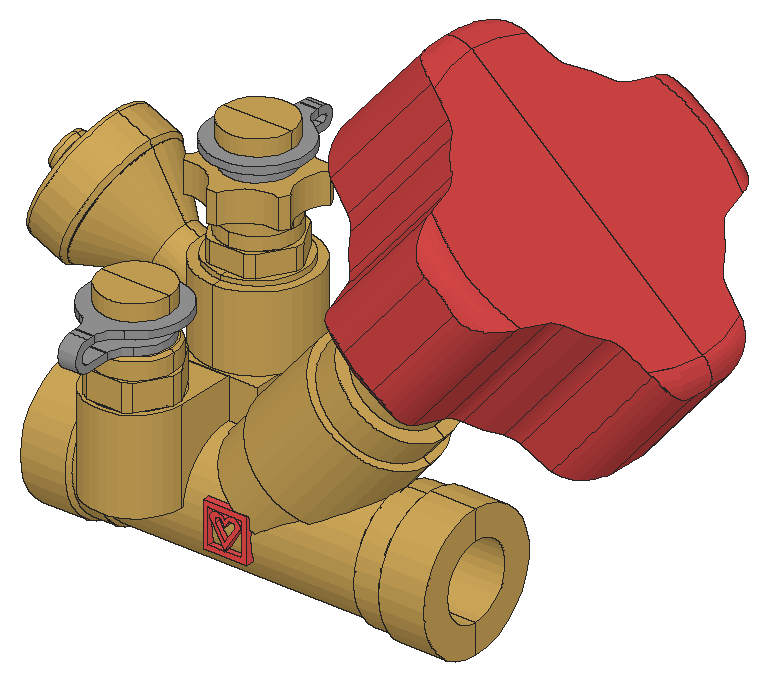
Revit family "Strangregulierventil mit Messblende 4017 ML (LF-MF)", category Rohrzubehör, Revit 2018
Family settings
  Bemaßung runder Anschluss = Durchmesser verwenden
  Teiletyp = Unterbricht
  OmniClass-Nummer = 23.65.55.14
  OmniClass-Titel = Valves for Liquid Services
  Arbeitsebenenbasiert = Nein
  Immer vertikal = Ja
  Beim Laden mit Abzugskörper schneiden = Nein
  Gemeinsam genutzt = Nein
Parameters (values of type "MF")
  kvs-Wert [instance] = if(and(Nennweite = 15.000 mm, LF), 0.46, if(and(Nennweite = 15.000 mm, MF), 0.88, 0))  # 0.88
  kv-Wert der Blende [instance] = if(and(Nennweite = 15.000 mm, LF), 0.48, if(and(Nennweite = 15.000 mm, MF), 0.97, 0))  # 0.97
  W01 = 50.00°  # constant formula
  URL = "www.herz-armaturen.at"
  SW01 = 60.00°  # constant formula
  SCRNSEQ = "ARM;ARM_TYP=\"STRV\";2"
  SCRNCODE = "05;07;02"  # constant formula
  S03 = 60.000 mm  # constant formula
  S02 [instance] = L04 + L06 + L07  # 76.800 mm
  S01 [instance] = D01 * 2  # 27.000 mm
  R03 = 21.500 mm  # constant formula
  R02 = 9.500 mm  # constant formula
  R01 = 12.000 mm  # constant formula
  Medium = "Heizwasserqualität entsprechend ÖNORM H 5195 bzw. VDI-Richtlinie 2035"
  MF = yes
  LF = no
  L10 [instance] = size_lookup("4017_ML_", "L10", 1.000 mm, Nennweite)  # 28.500 mm
  L09 [instance] = size_lookup("4017_ML_", "L9", 1.000 mm, Nennweite)  # 22.500 mm
  L08 [instance] = size_lookup("4017_ML_", "L8", 1.000 mm, Nennweite)  # 12.700 mm
  L07 [instance] = size_lookup("4017_ML_", "L7", 1.000 mm, Nennweite)  # 35.100 mm
  L06 [instance] = size_lookup("4017_ML_", "L6", 1.000 mm, Nennweite)  # 6.500 mm
  L05 [instance] = size_lookup("4017_ML_", "L5", 1.000 mm, Nennweite)  # 20.200 mm
  L04 [instance] = size_lookup("4017_ML_", "L4", 1.000 mm, Nennweite)  # 35.200 mm
  L03 [instance] = size_lookup("4017_ML_", "L3", 1.000 mm, Nennweite)  # 1.000 mm
  H03 [instance] = H01 - 19.000 mm  # 1.000 mm
  H02 = 13.000 mm  # constant formula
  Gehäuse = "entzinkungsbeständigem Messing"  # constant formula
  E01 [instance] = L00 / -2  # -41.500 mm
  E00 = 0.000 mm  # constant formula
  D09 [instance] = size_lookup("4017_ML_", "D9", 1.000 mm, Nennweite)  # 11.750 mm
  D08 [instance] = size_lookup("4017_ML_", "D8", 1.000 mm, Nennweite)  # 9.500 mm
  D07 [instance] = size_lookup("4017_ML_", "D7", 1.000 mm, Nennweite)  # 12.000 mm
  D06 [instance] = size_lookup("4017_ML_", "D6", 1.000 mm, Nennweite)  # 13.500 mm
  D05 [instance] = size_lookup("4017_ML_", "D5", 1.000 mm, Nennweite)  # 12.500 mm
  D04 [instance] = Nennweite / 2  # 7.500 mm
  IG [instance] = Nennweite / 2  # 7.500 mm
  D03 [instance] = size_lookup("4017_ML_", "D3", 1.000 mm, Nennweite)  # 11.900 mm
  D02 [instance] = size_lookup("4017_ML_", "D2", 1.000 mm, Nennweite)  # 12.700 mm
  D01 [instance] = size_lookup("4017_ML_", "D1", 1.000 mm, Nennweite)  # 13.500 mm
  Nennweite [instance] = 15.000 mm  # constant formula
  Max. Differenzdruck bei geschlossenen Sitz = 1000000.0 Pa  # constant formula
  Max. Betriebstemperatur = 130 °C  # constant formula
  Max. Betriebsdruck = 2000000.0 Pa  # constant formula
  L02 [instance] = size_lookup("4017_ML_", "L2", 1.000 mm, Nennweite)  # 5.000 mm
  L01 [instance] = size_lookup("4017_ML_", "L1", 1.000 mm, Nennweite)  # 9.250 mm
  L00 [instance] = size_lookup("4017_ML_", "L", 1.000 mm, Nennweite)  # 83.000 mm
  Hersteller = "HERZ Armaturen Ges.m.b.H."  # constant formula
  H01 [instance] = size_lookup("4017_ML_", "H1", 1.000 mm, Nennweite)  # 20.000 mm
  GT [instance] = size_lookup("4017_ML_", "GT", 1.000 mm, Nennweite)  # 13.200 mm
  DN50 [instance] = Nennweite = 50.000 mm  # no
  DN40 [instance] = Nennweite = 40.000 mm  # no
  DN32 [instance] = Nennweite = 32.000 mm  # no
  DN25 [instance] = Nennweite = 25.000 mm  # no
  DN20 [instance] = Nennweite = 20.000 mm  # no
  DN15 [instance] = Nennweite = 15.000 mm  # yes
  Bestellnummer [instance] = if(and(Nennweite = 15.000 mm, LF), 1401730, if(and(Nennweite = 15.000 mm, MF), 1401739, 0))  # 1401739
  Ausführung = "STRÖMAX 4017 ML, Strangregulierventil mit Messblende und Impulsleitungsanschluss für Differenzdruckmessung in Schrägsitzform, mit Messventilen\r\nGelbe Ausführung aus entzinkungsbeständigen Messing, Muffe x Muffe, Spindelabdichtung mit Dreifach-O-Ring, Voreinstellung durch Hubbegrenzung, digitale Anzeige der Voreinstellstufe im Handradfenster."
  Anwendungsgebiet = "Zum hydraulischen Abgleich in Heiz- oder Kühlanlagen, Einregulieren von Verteilleitungen, Strängen, Wärmetauschern,\r\nHeiz- und Kühlregistern."
Types (3, lengths in mm): name | kvs-Wert | kv-Wert der Blende | MF | LF | Bestellnummer
  (no name) | 0.88 | 0.97 | yes | no | 1401739
  LF | 0.46 | 0.48 | no | yes | 1401730
  MF | 0.88 | 0.97 | yes | no | 1401739
Reference planes
  plane 1 "Mitte (Vorne/hinten)": y = 0
  plane 2: z = 0
  plane 3 "Mitte (Links/rechts)": x = 0
Forms (mm)
  Revolve 1, solid, material "Messing, weicher Gelbton, geschweißt", detail levels fine
    sketch origin (470, 0, 0) x (1, 0, 0) y (0, 0, 1)
      loop
        line (-511.5, 7.5) -> (-498.3, 7.5) -> (-498.3, 0) -> (-441.7, 0) -> (-441.7, 7.5) -> (-428.5, 7.5) -> (-428.5, 13.5) -> (-437.75, 13.5) -> (-438.421, 12.7) -> (-443.421, 12.7) -> (-444.093, 11.9) -> (-495.907, 11.9) -> (-496.579, 12.7) -> (-501.579, 12.7) -> (-502.25, 13.5) -> (-511.5, 13.5) -> (-511.5, 7.5)
      axis (-511.5, 0) -> (-428.5, 0)
    angle from 0 to 360
  Revolve 2, solid, material "Messing, weicher Gelbton, geschweißt", detail levels fine
    sketch origin (0.32, 0, -0.105) x (1, 0, 0) y (0, 0, 1)
      loop
        line (-1.32, 0.105) -> (48.046, 58.937) -> (39.045, 66.49) -> (30.882, 56.761) -> (32.605, 55.315) -> (18.207, 38.155) -> (16.292, 39.762) -> (12.114, 34.783) -> (10.964, 35.747) -> (-2.02, 20.273) -> (-1.254, 19.63) -> (-7.652, 12.005) -> (-7.065, 4.926) -> (-1.32, 0.105)
      axis (-1.32, 0.105) -> (48.046, 58.937)
    angle from 0 to 360
  Extrusion 3, solid, material "Messing, weicher Gelbton, geschweißt", detail levels fine
    sketch origin (0, 0, 0) x (1, 0, 0) y (0, 1, 0)
      loop
        arc (-28.5, -12) -> (-19, -21.5) -> (-9.5, -12) r 9.5
        line (-9.5, -12) -> (-9.5, 0) -> (-28.5, 0) -> (-28.5, -12)
    from 1 <- "H03" to 20 <- "H01"
  Extrusion 4, solid, material "Messing, weicher Gelbton, geschweißt", detail levels fine
    sketch origin (0, 0, 0) x (1, 0, 0) y (0, 1, 0)
      loop
        line (-22.5, 12) -> (-22.5, 0) -> (-3.5, 0) -> (-3.5, 12)
        arc (-3.5, 12) -> (-13, 21.5) -> (-22.5, 12) r 9.5
    from 0 to 20 <- "H01"
  Extrusion 5, void
    sketch origin (0, 0, 0) x (1, 0, 0) y (0, 0, 1)
      loop
        line (55, 0) -> (80, 0) -> (80, 73) -> (55, 73) -> (55, 0)
    from 55 to -55
Cuts and joins
  Extrusion 5 cuts Revolve 2
Lines and regions (mm)
  model lines, detail levels coarse+medium
    curve 1: line (-41.5, 0, 13.5) -> (-41.5, 0, -13.5)
    curve 2: line (-41.5, 0, -13.5) -> (41.5, 0, 13.5)
    curve 3: line (41.5, 0, 13.5) -> (41.5, 0, -13.5)
    curve 4: line (41.5, 0, -13.5) -> (-41.5, 0, 13.5)
    curve 5: line (0, 0, 0) -> (38.4, 0, 66.511)
    curve 6: line (12.419, 0, 81.511) -> (64.381, 0, 51.511)
    curve 7: line (-41.5, -13.5, 0) -> (-41.5, 13.5, 0)
    curve 8: line (-41.5, 13.5, 0) -> (41.5, -13.5, 0)
    curve 9: line (41.5, -13.5, 0) -> (41.5, 13.5, 0)
    curve 10: line (41.5, 13.5, 0) -> (-41.5, -13.5, 0)
    curve 11: line (0, 0, 0) -> (38.4, 66.511, 0)
    curve 12: line (12.419, 81.511, 0) -> (64.381, 51.511, 0)
Dimensions and locks
  "L00": Revolve 1 sketch curve to Revolve 1 sketch curve
  equal spacing: Revolve 1 sketch curve, plane 3 "Mitte (Links/rechts)", Revolve 1 sketch curve
  "D01": Revolve 1 sketch curve to Revolve 1 sketch curve  (x2)
  "GT": Revolve 1 sketch curve to Revolve 1 sketch curve  (x2)
  "D06": Revolve 2 sketch curve to Revolve 2 sketch curve
  "D07": Revolve 2 sketch curve to Revolve 2 sketch curve
  "D08": Revolve 2 sketch curve to Revolve 2 sketch curve
  "D09": Revolve 2 sketch curve to Revolve 2 sketch curve
  equal spacing: curve 1, plane 3 "Mitte (Links/rechts)", curve 3
  "L00": curve 1 to curve 3
  equal spacing: curve 4, plane 2, curve 2
  "S01": curve 4 to curve 1
  "S01": curve 3 to curve 4
  equal spacing: curve 3, plane 2, curve 4
  "S02": curve 5 to curve 5
  equal spacing: curve 6, curve 5, curve 6
  "S03": curve 6 to curve 6
  equal spacing: curve 7, plane 3 "Mitte (Links/rechts)", curve 9
  "L00": curve 7 to curve 9
  equal spacing: curve 10, plane 1 "Mitte (Vorne/hinten)", curve 8
  "S01": curve 8 to curve 10
  equal spacing: curve 9, plane 1 "Mitte (Vorne/hinten)", curve 10
  "S01": curve 10 to curve 9
  "S02": curve 11 to curve 11
  equal spacing: curve 12, curve 11, curve 12
  "S03": curve 12 to curve 12
  "L01": Revolve 1 sketch curve to Revolve 1 sketch curve  (x2)
  "D02": Revolve 1 sketch curve to plane 2  (x2)
  "D03": Revolve 1 sketch curve to plane 2
  "IG": Revolve 1 sketch curve to plane 2  (x2)
  "L02": Revolve 1 sketch curve to Revolve 1 sketch curve  (x2)
  "L04": Revolve 2 sketch curve to Revolve 2 sketch curve
  "L05": Revolve 2 sketch curve to Revolve 2 sketch curve
  "D03": Revolve 2 sketch curve to plane 2
  "L06": Revolve 2 sketch curve to Revolve 2 sketch curve
  "L08": Revolve 2 sketch curve to Revolve 2 sketch curve
  "L07": Revolve 2 sketch curve to Revolve 2 sketch curve
  "D04": Revolve 2 sketch curve to Revolve 2 sketch curve
  "D05": Revolve 2 sketch curve to Revolve 2 sketch curve
  "L03": plane 3 "Mitte (Links/rechts)" to Revolve 2 sketch curve  (x2)
  "D03": nested 1 to plane 1 "Mitte (Vorne/hinten)"
  "L09": Revolve 1 to Extrusion 3 sketch curve
  "R01": Extrusion 3 sketch curve to plane 1 "Mitte (Vorne/hinten)"
  "R01": plane 1 "Mitte (Vorne/hinten)" to Extrusion 4 sketch curve
  "L10": Revolve 1 to Extrusion 4 sketch curve
  "H01": nested 2 to plane 2
  "R01": nested 2 to plane 1 "Mitte (Vorne/hinten)"
  "L09": Revolve 1 to nested 2
  Extrusion 5 sketch curve to plane 3 "Mitte (Links/rechts)" = 55.000 mm
  Extrusion 5 sketch curve to Extrusion 5 sketch curve = 25.000 mm
  Extrusion 5 sketch curve to plane 2 = 73.000 mm
  "L10": Revolve 1 to nested 4
  "R01": plane 1 "Mitte (Vorne/hinten)" to nested 4
  "H01": nested 4 to plane 2
  "R02": radius of Extrusion 3 sketch curve
  "R02": radius of Extrusion 4 sketch curve
  "W01": angle level to Revolve 2 sketch curve
  "SW01": angle plane 2 to curve 5
  "SW01": angle plane 1 "Mitte (Vorne/hinten)" to curve 11
  "W01": angle Revolve 1 sketch curve to Revolve 1 sketch curve  (x4)
  "W01": angle plane 2 to Revolve 2 sketch curve
  aligned and locked: level to plane 2
Automatic sketch dimensions
  Extrusion 5 sketch curve to level = 0.000 mm
  curve 5 to level = 0.000 mm
  plane 1 "Mitte (Vorne/hinten)" to curve 11 = 0.000 mm
  Revolve 1 sketch curve to level = 0.000 mm  (x2)
  Revolve 1 sketch curve to Revolve 1 sketch curve = 791.990 mm
  Revolve 1 sketch curve to Revolve 1 sketch curve = 2278.983 mm
  Revolve 2 sketch curve to level = 0.000 mm  (x2)
  plane 1 "Mitte (Vorne/hinten)" to Extrusion 3 sketch curve = 0.000 mm
  plane 1 "Mitte (Vorne/hinten)" to Extrusion 4 sketch curve = 0.000 mm
Nested families
  nested 1: "Herz-Logo-vorne" at (0, -11.9, 0) x (0, 1, 0) z (0, 0, 1), type "Herz-Logo-vorne", detail levels fine
  nested 2: "Messstutzen_Band_Eintritt_senkrecht_(oben)" at (-19, -12, 2.5) x (-1, 0, 0) z (0, 0, 1), type "Messstutzen_Band_Eintritt_senkrecht_(oben)", detail levels fine
    with Schutzkappe yes, Nennweite 0.000 mm, Gewicht 0.00 kg, Bestellnummer 0
  nested 3: "Strangregulierventil-Handrad (Rot) DN15-DN32" at (48.366, 0, 58.832), visible <- "DN15", type "Strangregulierventil-Handrad (Rot) DN15-DN32"
    with Nennweite 0.000 mm, Gewicht 0.00 kg, Bestellnummer 0
  nested 4: "Messstutzen_Band-KFE_Austritt_senkrecht_(oben)" at (-13, 12, 24.41), type "Messstutzen_Band-KFE_Austritt_senkrecht_(oben)", detail levels fine
    with Schutzkappe yes, Nennweite 0.000 mm, Gewicht 0.00 kg, Bestellnummer 0
Connectors
  piping at (-28.3, 0, 0), diameter 15, driven by "Nennweite"
    settings: on Revolve 1, index 1, connector inside diameter 609.6 mm, connector length 0.000 mm, flow factor 0, pipe flow 0.0 L/s, pressure drop 0.0 Pa, fitting loss kfactor 0, connector angle 0.00°, fixture units 0, engagement length 0.000 mm, angle of deflection 0.00°, flow configuration 0, flow direction 1, fitting loss method 0, system type 29, joint type 0, gender type 0, connector reference index -1, connector utility 0, adjustable connector no, is connector primary yes, connector description ""
  piping at (28.3, 0, 0), diameter 15, driven by "Nennweite"
    settings: on Revolve 1, index 2, connector inside diameter 609.6 mm, connector length 0.000 mm, flow factor 0, pipe flow 0.0 L/s, pressure drop 0.0 Pa, fitting loss kfactor 0, connector angle 0.00°, fixture units 0, engagement length 0.000 mm, angle of deflection 0.00°, flow configuration 0, flow direction 2, fitting loss method 0, system type 29, joint type 0, gender type 0, connector reference index -1, connector utility 0, adjustable connector no, is connector primary no, connector description ""
Definition of nested family "Herz-Logo-vorne"
  Reference planes
    plane 1 "Mitte (Vorne/hinten)": y = 0
    plane 2: z = 0
    plane 3 "Mitte (Links/rechts)": x = 0
  Forms (mm)
    Extrusion 1, solid
      sketch origin (0.732, -0.018, 0.017) x (0, -1, 0) y (0, 0, 1)
        loop
          line (-0.018, -4.517) -> (4.482, -4.517) -> (4.482, 4.483) -> (-4.518, 4.483) -> (-4.518, -4.517) -> (-0.018, -4.517)
        loop
          line (-0.05, -3.48) -> (3.482, -3.48) -> (3.482, 3.483) -> (-3.518, 3.483) -> (-3.518, -3.48) -> (-0.05, -3.48)
        loop
          arc (-0.018, 2.383) -> (-1.543, 3.287) -> (-3.067, 2.383) r 1.738
          arc (-3.067, 2.383) -> (-3.191, 1.899) -> (-3.067, 1.415) r 1.009
          line (-3.067, 1.415) -> (-0.018, -3.281) -> (3.032, 1.415)
          arc (3.032, 1.415) -> (3.156, 1.899) -> (3.032, 2.383) r 1.009
          arc (3.032, 2.383) -> (1.507, 3.287) -> (-0.018, 2.383) r 1.738
        loop
          arc (1.885, 1.272) -> (2.005, 1.675) -> (1.885, 2.079) r 0.74
          arc (1.885, 2.079) -> (1.265, 2.416) -> (0.644, 2.079) r 0.74
          line (0.644, 2.079) -> (-0.018, 0.97) -> (-0.679, 2.079)
          arc (-0.679, 2.079) -> (-1.3, 2.416) -> (-1.921, 2.079) r 0.74
          arc (-1.921, 2.079) -> (-2.04, 1.675) -> (-1.921, 1.272) r 0.74
          line (-1.921, 1.272) -> (-0.018, -1.658) -> (1.885, 1.272)
      from 0 to 1.5
  Dimensions and locks
    aligned and locked: level to plane 2
Definition of nested family "Messstutzen_Band_Eintritt_senkrecht_(oben)"
  Parameters (values of type "Messstutzen_Band_Eintritt_senkrecht_(oben)")
    URL = "www.herz-armaturen.at"
    Schutzkappe [instance] = yes
    Nennweite [instance] = 0.000 mm
    Manufacturer = "Herz Armaturen GmbH"  # constant formula
    Gewicht [instance] = 0.00 kg
    Bestellnummer [instance] = 0
  Reference planes
    plane 1 "Mitte (Vorne/hinten)": y = 0
    plane 2: z = 0
    plane 3 "Mitte (Links/rechts)": x = 0
    plane 4 "Schlaufe 1": z = -27
    plane 5 "Schlaufe 2": z = -31.678
  Forms (mm)
    Revolve 1, solid, detail levels fine
      sketch origin (0, 0, 0) x (1, 0, 0) y (0, 0, 1)
        loop
          line (-7.4, 9) -> (-5.55, 9) -> (-5.55, 6)
          arc (-5.55, 6) -> (-5.626, 5.617) -> (-5.843, 5.293) r 1
          line (-5.843, 5.293) -> (-6.455, 4.681) -> (-6.455, 0.9) -> (-5.555, 0) -> (-2, 0) -> (-2, 17.5) -> (-8.4, 17.5)
          arc (-8.4, 17.5) -> (-7.693, 17.207) -> (-7.4, 16.5) r 1
          line (-7.4, 16.5) -> (-7.4, 9)
        loop
          line (-3.7, 27) -> (-7.3, 27) -> (-7.9, 26.4) -> (-7.9, 23) -> (-2, 23) -> (-2, 35.8) -> (-3.805, 35.8) -> (-4.415, 35.19) -> (-4.415, 30.863) -> (-3.7, 30.45) -> (-3.7, 27)
        axis (0, 0) -> (0, 35.8)
      angle from 0 to 360
    Extrusion 2, solid, detail levels fine
      sketch origin (0, 0, 17.5) x (0, 1, 0) y (-1, 0, 0)
        loop
          arc (-7.07, 5.156) -> (-7.578, 4.375) -> (-8, 3.544) r 8.75
          line (-8, 3.544) -> (-8, -3.544)
          arc (-8, -3.544) -> (-7.578, -4.375) -> (-7.07, -5.156) r 8.75
          line (-7.07, -5.156) -> (-0.93, -8.7)
          arc (-0.93, -8.7) -> (0, -8.75) -> (0.93, -8.7) r 8.75
          line (0.93, -8.7) -> (7.07, -5.156)
          arc (7.07, -5.156) -> (7.578, -4.375) -> (8, -3.544) r 8.75
          line (8, -3.544) -> (8, 3.544)
          arc (8, 3.544) -> (7.578, 4.375) -> (7.07, 5.156) r 8.75
          line (7.07, 5.156) -> (0.93, 8.7)
          arc (0.93, 8.7) -> (0, 8.75) -> (-0.93, 8.7) r 8.75
          line (-0.93, 8.7) -> (-7.07, 5.156)
      from 0 to 5.5
    Revolve 3, solid, visible <- "Schutzkappe", detail levels fine
      sketch origin (0, 0, 0) x (1, 0, 0) y (0, 0, 1)
        loop
          line (0, 35.878) -> (0, 36.678) -> (-7, 36.678) -> (-7, 33.378) -> (-6.1, 33.378) -> (-6.1, 31.678) -> (-6.9, 31.678) -> (-6.9, 30.178) -> (-4.415, 30.178) -> (-4.415, 35.268) -> (-3.805, 35.878) -> (0, 35.878)
        axis (0, 30.178) -> (0, 36.678)
      angle from 0 to 360
    Extrusion 4, solid, detail levels fine
      sketch origin (0, 0, 28.5) x (1, 0, 0) y (0, 1, 0)
        loop
          circle (0, 0) r 3.7
        loop
          arc (-3.906, 5.505) -> (0, -6.75) -> (3.906, 5.505) r 6.75
          arc (3.906, 5.505) -> (2.358, 7.288) -> (1.8, 9.582) r 5
          line (1.8, 9.582) -> (-1.8, 9.582)
          arc (-1.8, 9.582) -> (-2.358, 7.288) -> (-3.906, 5.505) r 5
      from 0 to -1.5
    Extrusion 5, solid, detail levels fine
      sketch origin (0, 0, 33.178) x (1, 0, 0) y (0, 1, 0)
        loop
          circle (0, 0) r 6.1
        loop
          arc (-4.495, 8.652) -> (0, -9.75) -> (4.495, 8.652) r 9.75
          arc (4.495, 8.652) -> (2.527, 10.493) -> (1.8, 13.089) r 5
          line (1.8, 13.089) -> (-1.8, 13.089)
          arc (-1.8, 13.089) -> (-2.527, 10.493) -> (-4.495, 8.652) r 5
      from 0 to -1.5
    Sweep 6, solid, detail levels fine
      path origin (0, 0, 0) x (0, 0, -1) y (0, -1, 0)
        loop
          line (-27.75, -9.582) -> (-27.75, -14.522)
          arc (-27.75, -14.522) -> (-30.089, -16.862) -> (-32.428, -14.522) r 2.339
          line (-32.428, -14.522) -> (-32.428, -13.089)
      profile origin (0, 12.052, 27.75) x (0, 0, 1) y (1, 0, 0)
        loop
          line (-0.75, -1.8) -> (0.75, -1.8) -> (0.75, 1.8) -> (-0.75, 1.8) -> (-0.75, -1.8)
  Dimensions and locks
    aligned and locked: level to plane 2
Definition of nested family "Strangregulierventil-Handrad (Rot) DN15-DN32"
  Parameters (values of type "Strangregulierventil-Handrad (Rot) DN15-DN32")
    URL = "www.herz-armaturen.at"
    Nennweite [instance] = 0.000 mm
    Manufacturer = "Herz Armaturen GmbH"  # constant formula
    Gewicht [instance] = 0.00 kg
    Bestellnummer [instance] = 0
  Reference planes
    plane 1 "Mitte (Vorne/hinten)": y = 0
    plane 2: z = 0
    plane 3 "Mitte (Links/rechts)": x = 0
  Forms (mm)
    Revolve 1, solid, detail levels fine
      sketch origin (0, 0, 0) x (0.766044, 0, -0.642788) y (0.642788, 0, 0.766044)
        loop
          line (0, 0) -> (0, 24.95) -> (-30.992, 24.95)
          arc (-30.992, 24.95) -> (-34.37, 23.636) -> (-35.973, 20.386) r 5
          line (-35.973, 20.386) -> (-37, 8.65) -> (-35.986, -2.936)
          arc (-35.986, -2.936) -> (-34.383, -6.186) -> (-31.005, -7.5) r 5
          line (-31.005, -7.5) -> (-15, -7.5) -> (-15, 0) -> (0, 0)
        axis (0, 24.95) -> (0, -7.5)
      angle from 0 to 360
    Extrusion 2, void
      sketch origin (13.049, 0, 15.551) x (0.766044, 0, -0.642788) y (0, 1, 0)
        loop
          line (3.861, 35.5) -> (-3.861, 35.5)
          arc (-3.861, 35.5) -> (-8.731, 33.847) -> (-11.589, 29.571) r 8
          line (-11.589, 29.571) -> (-13.284, 23.245)
          arc (-13.284, 23.245) -> (-13.982, 21.722) -> (-15.144, 20.516) r 5
          arc (-15.144, 20.516) -> (-18.031, 18.031) -> (-20.516, 15.144) r 25.5
          arc (-20.516, 15.144) -> (-21.722, 13.982) -> (-23.245, 13.284) r 5
          line (-23.245, 13.284) -> (-29.571, 11.589)
          arc (-29.571, 11.589) -> (-33.847, 8.731) -> (-35.5, 3.861) r 8
          line (-35.5, 3.861) -> (-35.5, -3.861)
          arc (-35.5, -3.861) -> (-33.847, -8.731) -> (-29.571, -11.589) r 8
          line (-29.571, -11.589) -> (-23.245, -13.284)
          arc (-23.245, -13.284) -> (-21.722, -13.982) -> (-20.516, -15.144) r 5
          arc (-20.516, -15.144) -> (-18.031, -18.031) -> (-15.144, -20.516) r 25.5
          arc (-15.144, -20.516) -> (-13.982, -21.722) -> (-13.284, -23.245) r 5
          line (-13.284, -23.245) -> (-11.589, -29.571)
          arc (-11.589, -29.571) -> (-8.731, -33.847) -> (-3.861, -35.5) r 8
          line (-3.861, -35.5) -> (3.861, -35.5)
          arc (3.861, -35.5) -> (8.731, -33.847) -> (11.589, -29.571) r 8
          line (11.589, -29.571) -> (13.284, -23.245)
          arc (13.284, -23.245) -> (13.982, -21.722) -> (15.144, -20.516) r 5
          arc (15.144, -20.516) -> (18.031, -18.031) -> (20.516, -15.144) r 25.5
          arc (20.516, -15.144) -> (21.722, -13.982) -> (23.245, -13.284) r 5
          line (23.245, -13.284) -> (29.571, -11.589)
          arc (29.571, -11.589) -> (33.847, -8.731) -> (35.5, -3.861) r 8
          line (35.5, -3.861) -> (35.5, 3.861)
          arc (35.5, 3.861) -> (33.847, 8.731) -> (29.571, 11.589) r 8
          line (29.571, 11.589) -> (23.245, 13.284)
          arc (23.245, 13.284) -> (21.722, 13.982) -> (20.516, 15.144) r 5
          arc (20.516, 15.144) -> (18.031, 18.031) -> (15.144, 20.516) r 25.5
          arc (15.144, 20.516) -> (13.982, 21.722) -> (13.284, 23.245) r 5
          line (13.284, 23.245) -> (11.589, 29.571)
          arc (11.589, 29.571) -> (8.731, 33.847) -> (3.861, 35.5) r 8
        loop
          circle (0, 0) r 38
      from -31.266 to 7.923
  Cuts and joins
    Extrusion 2 cuts Revolve 1
  Dimensions and locks
    Revolve 1 sketch curve to Revolve 1 sketch curve = 15.000 mm
    Revolve 1 sketch curve to Revolve 1 sketch curve = 16.150 mm
    Revolve 1 sketch curve to Revolve 1 sketch curve = 16.300 mm
    angle Revolve 1 sketch curve to Revolve 1 sketch curve = 95.00°
    aligned and locked: level to plane 2
Definition of nested family "Messstutzen_Band-KFE_Austritt_senkrecht_(oben)"
  Parameters (values of type "Messstutzen_Band-KFE_Austritt_senkrecht_(oben)")
    URL = "www.herz-armaturen.at"
    Schutzkappe [instance] = yes
    Nennweite [instance] = 0.000 mm
    Manufacturer = "Herz Armaturen GmbH"  # constant formula
    Gewicht [instance] = 0.00 kg
    Bestellnummer [instance] = 0
  Reference planes
    plane 1 "Mitte (Vorne/hinten)": y = 0
    plane 2: z = 0
    plane 3 "Mitte (Links/rechts)": x = 0
  Forms (mm)
    Revolve 1, solid, detail levels fine
      sketch origin (0, 0, 0) x (1, 0, 0) y (0, 0, 1)
        loop
          line (-7.4, 9) -> (-5.55, 9) -> (-5.55, 6)
          arc (-5.55, 6) -> (-5.626, 5.617) -> (-5.843, 5.293) r 1
          line (-5.843, 5.293) -> (-6.455, 4.681) -> (-6.455, 0.9) -> (-5.555, 0) -> (-2, 0) -> (-2, 23) -> (-2, 35.8) -> (-3.805, 35.8) -> (-4.415, 35.19) -> (-4.415, 30.863) -> (-3.7, 30.45) -> (-3.7, 27) -> (-7.4, 27) -> (-7.4, 9)
        axis (0, 0) -> (0, 35.8)
      angle from 0 to 360
    Extrusion 2, solid, detail levels fine
      sketch origin (0, 0, 17.5) x (0, 1, 0) y (-1, 0, 0)
        loop
          arc (-7.07, 5.156) -> (-7.578, 4.375) -> (-8, 3.544) r 8.75
          line (-8, 3.544) -> (-8, -3.544)
          arc (-8, -3.544) -> (-7.578, -4.375) -> (-7.07, -5.156) r 8.75
          line (-7.07, -5.156) -> (-0.93, -8.7)
          arc (-0.93, -8.7) -> (0, -8.75) -> (0.93, -8.7) r 8.75
          line (0.93, -8.7) -> (7.07, -5.156)
          arc (7.07, -5.156) -> (7.578, -4.375) -> (8, -3.544) r 8.75
          line (8, -3.544) -> (8, 3.544)
          arc (8, 3.544) -> (7.578, 4.375) -> (7.07, 5.156) r 8.75
          line (7.07, 5.156) -> (0.93, 8.7)
          arc (0.93, 8.7) -> (0, 8.75) -> (-0.93, 8.7) r 8.75
          line (-0.93, 8.7) -> (-7.07, 5.156)
      from -5.51 to -1.21
    Revolve 3, solid, visible <- "Schutzkappe", detail levels fine
      sketch origin (0, 0, 0) x (1, 0, 0) y (0, 0, 1)
        loop
          line (0, 35.878) -> (0, 36.678) -> (-7, 36.678) -> (-7, 33.378) -> (-6.1, 33.378) -> (-6.1, 31.678) -> (-6.9, 31.678) -> (-6.9, 30.178) -> (-4.415, 30.178) -> (-4.415, 35.268) -> (-3.805, 35.878) -> (0, 35.878)
        axis (0, 30.178) -> (0, 36.678)
      angle from 0 to 360
    Extrusion 4, solid, detail levels fine
      sketch origin (0, 0, 30) x (1, 0, 0) y (0, 1, 0)
        loop
          circle (0, 0) r 3.7
        loop
          arc (-3.906, 5.505) -> (0, -6.75) -> (3.906, 5.505) r 6.75
          arc (3.906, 5.505) -> (2.358, 7.288) -> (1.8, 9.582) r 5
          line (1.8, 9.582) -> (-1.8, 9.582)
          arc (-1.8, 9.582) -> (-2.358, 7.288) -> (-3.906, 5.505) r 5
      from 0 to -1.5
    Extrusion 5, solid, detail levels fine
      sketch origin (0, 0, 33.178) x (1, 0, 0) y (0, 1, 0)
        loop
          circle (0, 0) r 6.1
        loop
          arc (-4.495, 8.652) -> (0, -9.75) -> (4.495, 8.652) r 9.75
          arc (4.495, 8.652) -> (2.527, 10.493) -> (1.8, 13.089) r 5
          line (1.8, 13.089) -> (-1.8, 13.089)
          arc (-1.8, 13.089) -> (-2.527, 10.493) -> (-4.495, 8.652) r 5
      from 0 to -1.5
    Sweep 6, solid, detail levels fine
      path origin (0, 0, 0) x (0, 0, -1) y (0, -1, 0)
        loop
          line (-29.25, -9.582) -> (-29.25, -14.522)
          arc (-29.25, -14.522) -> (-30.839, -16.112) -> (-32.428, -14.522) r 1.589
          line (-32.428, -14.522) -> (-32.428, -13.089)
      profile origin (0, 12.052, 29.25) x (0, 0, 1) y (1, 0, 0)
        loop
          line (-0.75, -1.8) -> (0.75, -1.8) -> (0.75, 1.8) -> (-0.75, 1.8) -> (-0.75, -1.8)
    Extrusion 7, solid, detail levels fine
      sketch origin (-101.196, 0, 0) x (1, 0, 0) y (0, 1, 0)
        loop
          arc (112.053, 5.113) -> (111.589, 6) -> (111.053, 6.845) r 12
          arc (111.053, 6.845) -> (105.696, 7.794) -> (102.196, 11.958) r 7.971
          arc (102.196, 11.958) -> (101.196, 12) -> (100.196, 11.958) r 12
          arc (100.196, 11.958) -> (96.696, 7.794) -> (91.34, 6.845) r 7.971
          arc (91.34, 6.845) -> (90.804, 6) -> (90.34, 5.113) r 12
          arc (90.34, 5.113) -> (92.196, 0) -> (90.34, -5.113) r 7.971
          arc (90.34, -5.113) -> (90.804, -6) -> (91.34, -6.845) r 12
          arc (91.34, -6.845) -> (96.696, -7.794) -> (100.196, -11.958) r 7.971
          arc (100.196, -11.958) -> (101.196, -12) -> (102.196, -11.958) r 12
          arc (102.196, -11.958) -> (105.696, -7.794) -> (111.053, -6.845) r 7.971
          arc (111.053, -6.845) -> (111.589, -6) -> (112.053, -5.113) r 12
          arc (112.053, -5.113) -> (110.196, 0) -> (112.053, 5.113) r 7.971
      from 22.3 to 28.5
    Revolve 8, solid, detail levels fine
      sketch origin (0, 43.374, -20) x (0, 1, 0) y (0, 0, 1)
        loop
          line (-43.374, 0) -> (-37.874, 0) -> (-36.774, 1.1) -> (-36.774, 4.9) -> (-37.874, 6) -> (-37.874, 8.4) -> (-36.424, 8.4) -> (-36.424, 9.2) -> (-34.424, 9.2) -> (-34.424, 15.59) -> (-31.874, 15.59) -> (-31.874, 30.99) -> (-33.874, 30.99) -> (-33.874, 31.99) -> (-43.374, 31.99) -> (-43.374, 0)
        loop
          line (-43.374, 39) -> (-43.374, 36.29) -> (-35.874, 36.29) -> (-35.874, 39) -> (-43.374, 39)
        axis (-43.374, 39) -> (-43.374, 0)
      angle from 0 to 360
    Revolve 9, solid, detail levels fine
      sketch origin (0, 0, 0) x (-1, 0, 0) y (0, 0, 1)
        loop
          line (0, -1.01) -> (32.627, 14.204) -> (27.556, 25.08) -> (25.934, 25.67) -> (21.602, 23.65) -> (14.873, 11.994) -> (-2.324, 3.975) -> (0, -1.01)
        axis (32.627, 14.204) -> (0, -1.01)
      angle from 0 to 360
    Revolve 10, solid, detail levels fine
      sketch origin (-51.188, 0, -39.797) x (-0.422618, 0, -0.906308) y (-0.906308, 0, 0.422618)
        loop
          line (-56.786, 8) -> (-45.747, 8) -> (-45.747, 0) -> (-43.834, 0) -> (-42.786, 1.048) -> (-42.786, 8.048)
          arc (-42.786, 8.048) -> (-43.065, 8.721) -> (-43.738, 9) r 0.952
          line (-43.738, 9) -> (-52.974, 9)
          arc (-52.974, 9) -> (-53.548, 9.238) -> (-53.786, 9.812) r 0.812
          line (-53.786, 9.812) -> (-53.786, 12) -> (-52.786, 12) -> (-52.786, 13.03)
          arc (-52.786, 13.03) -> (-53.07, 13.716) -> (-53.756, 14) r 0.97
          line (-53.756, 14) -> (-56.786, 14) -> (-56.786, 8)
        axis (-56.786, 14) -> (-56.786, 0)
      angle from 0 to 360
  Dimensions and locks
    aligned and locked: level to plane 2
